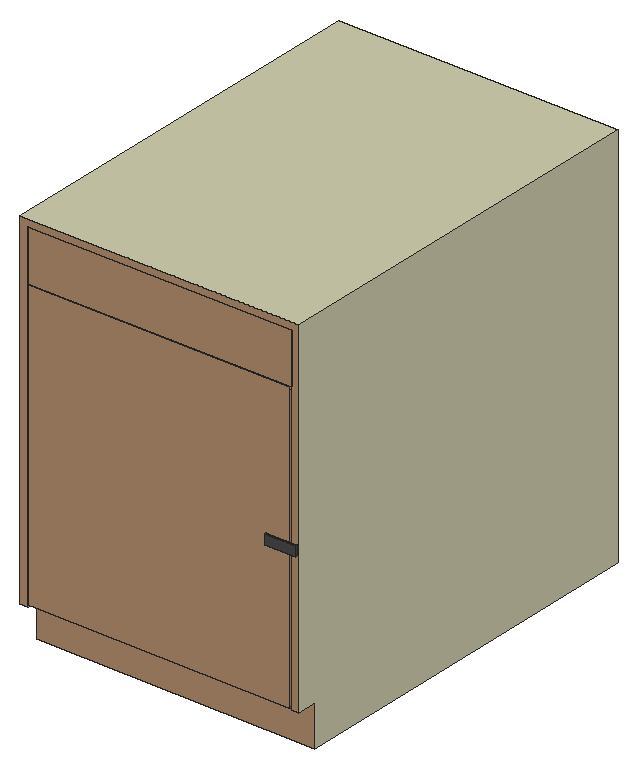
Revit family "Cabinet_Wenger_UltraStor_50", category Furniture, Revit 2015
Parameters (values of type "UltraStor Cabinet #50 - Comp Wood Doors")
  URL = "https://www.wengercorp.com/"
  Type Comments = ""
  Specification = "http://www.arcat.com/sdspecs/htm04/12_35_83wen.htm"
  Shelf Thickness = 0' - 1 1/8"
  Sales Information = "https://www.wengercorp.com/contact-us.php"
  Revision = "R1_2018-04"
  Rear Panel Thickness = 0' - 0 3/4"
  Product Data = "http://www.arcat.com/arcatcos/cos36/arc36487.html"
  Manufacturer Website = "https://www.wengercorp.com/"
  Manufacturer Phone - Toll Free = "800-4WENGER"
  Manufacturer Phone = "(507) 455-4100"
  Manufacturer Fax = "(507) 455-4258"
  Manufacturer Address = "555 Park Dr., Owatonna, MN 55060"
  Keynote = "12 35 83"
  HasDoors = yes
  Green Building-LEED = "http://www.arcat.com/green/clients/leed_data_36487.html"
  Drawn By = "Sumex Design, Inc. / Robert S. Weygant, CSI, CDT, SCIP"
  Door Width = (Cabinet Width - 0' 3") / 3  # 0' - 8.16667"
  Door Style = Door_Base : Solid Door
  Door Material [instance] = Wenger Cherry (Use Cherry Edge Band Only)
  Door Height = (Cabinet Height - 0' 4 3/4") / 5  # 0' - 6.7125"
  Toe Kick Material [instance] = Wenger Cherry (Use Cherry Edge Band Only)
  RH End Panel [instance] = no
  Model = "#50"
  Manufacturer = "Wenger Corporation"
  LH End Panel [instance] = no
  End Panel Material [instance] = Wenger Cherry (Use Cherry Edge Band Only)
  Edge Banding Material [instance] = Wenger Cherry (Use Cherry Edge Band Only)
  Cost = 0
  Copyright = "© 2018 Arcat Inc."
  Construction Details = "http://www.arcat.com/details/wengerco/wengerco.html?coid=36487"
  Body Material [instance] = Wenger - Oyster
  Description = "Wenger UltraStor Cabinet #50 - Comp Wood Doors"
  Cabinet Width = 2' - 3 1/2"
  Cabinet Height = 3' - 2 5/16"
  Installed Depth = 3' - 3 1/4"
  Cabinet Panel Thickness = 0' - 0 3/4"
  Assembly Code = "E2010200"
Types (14): name | Rear Panel Thickness | HasDoors | Door Width | Door Style | Door Material | Model | Description | Cabinet Width | Installed Depth
  Acoustic Cabinet #50 - No Doors | 0' - 3 1/4" | no | 0' - 8.16667" | Door_Base : Solid Door | none | "#50A" | "Wenger Acoustic Cabinet #50 - No Doors" | 2' - 3 1/2" | 3' - 5 3/4"
  Narrow Acoustic Cabinet #50 - No Doors | 0' - 3 1/4" | no | 0' - 6.16667" | Door_Base : Solid Door | none | "#50NA" | "Wenger Narrow Acoustic Cabinet #50 - No Doors" | 1' - 9 1/2" | 3' - 5 3/4"
  Acoustic Cabinet #50 - Comp Waterfall Grille Doors | 0' - 3 1/4" | yes | 0' - 8.16667" | Door_Base : Waterfall | Painted Black | "#50A" | "Wenger Acoustic Cabinet #50 - Comp Waterfall Grille Doors" | 2' - 3 1/2" | 3' - 5 3/4"
  Narrow Acoustic Cabinet #50 - Comp Waterfall Grille Doors | 0' - 3 1/4" | yes | 0' - 6.16667" | Door_Base : Waterfall | Painted Black | "#50NA" | "Wenger Narrow Acoustic Cabinet #50 - Comp Waterfall Grille Doors" | 1' - 9 1/2" | 3' - 5 3/4"
  Narrow Acoustic Cabinet #50 - Comp Grille Doors | 0' - 3 1/4" | yes | 0' - 6.16667" | Door_Base : Bars | Painted Black | "#50NA" | "Wenger Narrow Acoustic Cabinet #50 - Comp Grille Doors" | 1' - 9 1/2" | 3' - 5 3/4"
  Acoustic Cabinet #50 - Comp Grille Doors | 0' - 3 1/4" | yes | 0' - 8.16667" | Door_Base : Bars | Painted Black | "#50A" | "Wenger Acoustic Cabinet #50 - Comp Grille Doors" | 2' - 3 1/2" | 3' - 5 3/4"
  Narrow UltraStor Cabinet #50 - Comp Wood Doors | 0' - 0 3/4" | yes | 0' - 6.16667" | Door_Base : Solid Door | Wenger Cherry (Use Cherry Edge Band Only) | "#50N" | "Wenger Narrow Cabinet #50 - Comp Wood Doors" | 1' - 9 1/2" | 3' - 3 1/4"
  UltraStor Cabinet #50 - Comp Waterfall Grille Doors | 0' - 0 3/4" | yes | 0' - 8.16667" | Door_Base : Waterfall | Painted Black | "#50" | "Wenger UltraStor Cabinet #50 - Comp Waterfall Grille Doors" | 2' - 3 1/2" | 3' - 3 1/4"
  UltraStor Cabinet #50 - Comp Wood Doors | 0' - 0 3/4" | yes | 0' - 8.16667" | Door_Base : Solid Door | Wenger Cherry (Use Cherry Edge Band Only) | "#50" | "Wenger UltraStor Cabinet #50 - Comp Wood Doors" | 2' - 3 1/2" | 3' - 3 1/4"
  Narrow UltraStor Cabinet #50 - Comp Waterfall Grille Doors | 0' - 0 3/4" | yes | 0' - 6.16667" | Door_Base : Waterfall | Painted Black | "#50N" | "Wenger Narrow Cabinet #50 - Comp Waterfall Grille Doors" | 1' - 9 1/2" | 3' - 3 1/4"
  UltraStor Cabinet #50 - No Doors | 0' - 0 3/4" | no | 0' - 8.16667" | Door_Base : Solid Door | none | "#50" | "Wenger UltraStor Cabinet #50 - No Doors" | 2' - 3 1/2" | 3' - 3 1/4"
  UltraStor Cabinet #50 - Comp Grille Doors | 0' - 0 3/4" | yes | 0' - 8.16667" | Door_Base : Bars | Painted Black | "#50" | "Wenger UltraStor Cabinet #50 - Comp Grille Doors" | 2' - 3 1/2" | 3' - 3 1/4"
  Narrow UltraStor Cabinet #50 - Comp Grille Doors | 0' - 0 3/4" | yes | 0' - 6.16667" | Door_Base : Bars | Painted Black | "#50N" | "Wenger Narrow Cabinet #50 - Comp Grille Doors" | 1' - 9 1/2" | 3' - 3 1/4"
  Narrow UltraStor Cabinet #50 - No Doors | 0' - 0 3/4" | no | 0' - 6.16667" | Door_Base : Solid Door | none | "#50N" | "Wenger Narrow Cabinet #50 - No Doors" | 1' - 9 1/2" | 3' - 3 1/4"
Reference planes (in)
  plane 1 "Front": y = 0
  plane 2: z = 0
  plane 3 "Left": x = 0
  plane 4 "Right": x = 27.5
  plane 5 "Back": y = 39.25
  plane 6 "Top": z = 38.3125
  plane 7: z = 4
  plane 8: x = 0.75
  plane 9: x = 26.75
  plane 10: z = 37.5625
  plane 11: x = 8.91667
  plane 12: x = 9.66667
  plane 13: x = 17.83333
  plane 14: x = 18.58333
  plane 15: y = 38.5
  plane 16: y = 2
  plane 17: y = 0.75
  plane 18: z = 5.125
  plane 19: z = 32.5625
Forms (in)
  Extrusion 1, solid, material "Wenger - Oyster" <- "Body Material"
    sketch origin (0, 0, 0) x (0, 1, 0) y (0, 0, 1)
      loop
        line (0, 38.3125) -> (0, 4) -> (2, 4) -> (2, 0) -> (39.25, 0) -> (39.25, 38.3125) -> (0, 38.3125)
    from 0 to 27.5
  Extrusion 2, void
    sketch origin (0, 0, 0) x (0, 1, 0) y (0, 0, 1)
      loop
        line (-5.5, 37.5625) -> (-5.5, 4) -> (0.75, 4)
        arc (0.75, 4) -> (1.15915, 4.80234) -> (2, 5.125) r 1.25694
        line (2, 5.125) -> (38.5, 5.125) -> (38.5, 37.5625) -> (-5.5, 37.5625)
    from 0.75 to 26.75
  Extrusion 3, void
    sketch origin (0, 0, 0) x (0, 1, 0) y (0, 0, 1)
      loop
        line (0, 37.5625) -> (0, 4) -> (0.0625, 4) -> (0.0625, 37.5625) -> (0, 37.5625)
    from 0.75 to 26.75
  Extrusion 4, solid, material "Wenger Cherry (Use Cherry Edge Band Only)" <- "Toe Kick Material"
    sketch origin (0, 0, 0) x (0, 1, 0) y (0, 0, 1)
      loop
        line (0, 37.5625) -> (0, 32.5625) -> (0.75, 32.5625) -> (0.75, 37.5625) -> (0, 37.5625)
    from 0.75 to 26.75
Cuts and joins
  Extrusion 2, Extrusion 3 cuts Extrusion 1
Lines and regions (in)
  Masking region 1
    outline origin (0, 0, 0) x (1, 0, 0) y (0, 1, 0)
      loop
        line (0, 39.25) -> (0, 0) -> (27.5, 0) -> (27.5, 39.25) -> (0, 39.25)
Dimensions and locks (in)
  "Cabinet Panel Thickness": plane 3 "Left" to plane 8
  "Cabinet Panel Thickness": plane 9 to plane 4 "Right"
  "Cabinet Panel Thickness": plane 5 "Back" to plane 15
  locked: plane 1 "Front" to plane 17 at 0.75
  locked: plane 1 "Front" to plane 16 at 2
  "Cabinet Panel Thickness": plane 6 "Top" to plane 10
  "Shelf Thickness": plane 18 to plane 7
  "Cabinet Width": plane 3 "Left" to plane 4 "Right"
  locked: plane 7 to level at 4
  "Cabinet Height": plane 6 "Top" to level
  "Installed Depth": plane 1 "Front" to plane 5 "Back"
  "Door Width": plane 11 to plane 8
  "Door Width": plane 13 to plane 12
  "Door Width": plane 9 to plane 14
  plane 3 "Left" to plane 4 "Right" = 2' - 3 1/2"
  locked: plane 14 to plane 13 at 0.75
  equal spacing: plane 12, nested 2, plane 13
  equal spacing: plane 5 "Back", nested 2, plane 1 "Front"
  locked: plane 10 to plane 19 at 5
  aligned and locked: Extrusion 1 sketch curve to plane 6 "Top"
  aligned and locked: Extrusion 1 sketch curve to plane 5 "Back"
  aligned and locked: Extrusion 1 sketch curve to plane 1 "Front"
  aligned and locked: Extrusion 1 sketch curve to plane 7
  aligned and locked: Extrusion 1 sketch curve to plane 16
  aligned and locked: Extrusion 1 sketch curve to level
  aligned and locked: Extrusion 1 to plane 4 "Right"
  aligned and locked: Extrusion 1 to plane 3 "Left"
  aligned and locked: Extrusion 2 sketch curve to plane 10
  aligned and locked: Extrusion 2 sketch curve to plane 18
  aligned and locked: Extrusion 2 to plane 8
  aligned and locked: Extrusion 3 sketch curve to cut or joined group of Extrusion 1, Extrusion 2, Extrusion 3  (x3)
  aligned and locked: Extrusion 3 to plane 9
  aligned and locked: Extrusion 3 to plane 8
  aligned and locked: nested 3 to plane 8
  aligned and locked: plane 7 to cut or joined group of Extrusion 1, Extrusion 2, Extrusion 3
  aligned and locked: nested 3 to plane 7
  aligned and locked: plane 17 to Extrusion 2 sketch curve
  aligned and locked: plane 1 "Front" to nested 4
  aligned and locked: nested 4 to level
  aligned and locked: nested 4 to plane 4 "Right"
  aligned and locked: Masking region 1 sketch curve to plane 5 "Back"
  aligned and locked: Masking region 1 sketch curve to plane 1 "Front"
  aligned and locked: plane 3 "Left" to Masking region 1 sketch curve
  aligned and locked: plane 4 "Right" to Masking region 1 sketch curve
  aligned and locked: cut or joined group of Extrusion 1, Extrusion 2, Extrusion 3 to plane 9
  aligned and locked: nested 3 to plane 9
  aligned and locked: plane 10 to Extrusion 4 sketch curve
  aligned and locked: plane 1 "Front" to Extrusion 4 sketch curve
  aligned and locked: Extrusion 4 to plane 9
  aligned and locked: Extrusion 4 to plane 8
  aligned and locked: plane 19 to nested 3
  aligned and locked: Extrusion 4 sketch curve to plane 19
  aligned and locked: Extrusion 4 sketch curve to plane 17
Automatic sketch dimensions
  plane 17 to Extrusion 3 sketch curve = 0' - 0 11/16"
  Extrusion 2 sketch curve to plane 7 = 0' - 0"
  Extrusion 2 sketch curve to plane 16 = 0' - 0"
  Extrusion 2 sketch curve to plane 15 = 0' - 0"
  plane 1 "Front" to Extrusion 2 sketch curve = 0' - 5 1/2"
Nested families (in)
  nested 1: "End Panel" at (0, 24.25, 0) x (0, -1, 0) z (0, 0, 1), End Panel Material <- "End Panel Material", visible <- "LH End Panel", Edge Banding Material <- "Edge Banding Material", type "End Panel"
    with End Panel Material Wenger Cherry (Use Cherry Edge Band Only), Edge Banding Material Wenger Cherry (Use Cherry Edge Band Only), End Panel Height 3' - 2 5/16", End Panel Depth 3' - 3 1/4"
  nested 2: "Labels" at (13.75, 19.625, 0), type "Labels"
  nested 3: "Door_Base" at (13.75, 0, 4) x (1, 0, 0) z (0, -1, 0), type <- "Door Style", visible <- "HasDoors", type "Solid Door", detail levels medium+fine
    with vBars 24, Width 2' - 2", ToeKick Height 0' - 4", MidBar no, Height 2' - 4 9/16", BarHt 2' - 4 1/16", 2HzBars no
  nested 4: "End Panel" at (28.25, 24.25, 0) x (0, -1, 0) z (0, 0, 1), End Panel Material <- "End Panel Material", Edge Banding Material <- "Edge Banding Material", visible <- "RH End Panel", type "End Panel"
    with End Panel Material Wenger Cherry (Use Cherry Edge Band Only), Edge Banding Material Wenger Cherry (Use Cherry Edge Band Only), End Panel Height 3' - 2 5/16", End Panel Depth 3' - 3 1/4"
Definition of nested family "End Panel"
  Parameters (values of type "End Panel")
    End Panel Material [instance] = none
    End Panel Height = 7' - 1 5/8"
    End Panel Depth = 1' - 9 3/4"
    Edge Banding Material [instance] = none
    Default Elevation = 4' - 0"
    Assembly Code = ""
  Reference planes (in)
    plane 1 "Center (Front/Back)": y = 0
    plane 2: z = 0
    plane 3 "Center (Left/Right)": x = 0
    plane 4: x = -15
    plane 5: x = 6.75
    plane 6: z = 4
    plane 7: x = 4.75
    plane 8: z = 85.625
    plane 9: y = -0.75
  Forms (in)
    Extrusion 1, solid, material <- "End Panel Material"
      sketch origin (0, 0, 0) x (1, 0, 0) y (0, 0, 1)
        loop
          line (-15, 85.625) -> (-15, 0) -> (4.75, 0) -> (4.75, 4) -> (6.75, 4) -> (6.75, 85.625) -> (-15, 85.625)
      from 0 to 0.75
  Lines and regions (in)
    Masking region 1, detail levels coarse+medium
      outline origin (0, 0, 0) x (1, 0, 0) y (0, 1, 0)
        loop
          line (-15, 0) -> (-15, -0.75) -> (6.75, -0.75) -> (6.75, 0) -> (-15, 0)
  Dimensions and locks (in)
    locked: plane 7 to plane 5 at 2
    locked: plane 6 to level at 4
    "End Panel Height": plane 8 to level
    "End Panel Depth": plane 5 to plane 4
    locked: plane 9 to plane 1 "Center (Front/Back)" at 0.75
    aligned and locked: plane 4 to Extrusion 1 sketch curve
    aligned and locked: level to Extrusion 1 sketch curve
    aligned and locked: plane 7 to Extrusion 1 sketch curve
    aligned and locked: plane 6 to Extrusion 1 sketch curve
    aligned and locked: Extrusion 1 sketch curve to plane 5
    aligned and locked: Extrusion 1 sketch curve to plane 8
    aligned and locked: Extrusion 1 to plane 9
    aligned and locked: Extrusion 1 to plane 1 "Center (Front/Back)"
    aligned and locked: plane 4 to Masking region 1 sketch curve
    aligned and locked: Masking region 1 sketch curve to plane 5
    aligned and locked: plane 1 "Center (Front/Back)" to Masking region 1 sketch curve
    aligned and locked: plane 9 to Masking region 1 sketch curve
Definition of nested family "Door_Base"
  Parameters (values of type "Bars")
    vBars [instance] = (Width - 0' 2") / 0' 1"  # 6
    Width [instance] = 0' - 8"
    ToeKick Height [instance] = 0' - 4"
    Thickness = 0' - 0 1/4"
    Solid Door = no
    Shelf Thickness = 0' - 0 3/4"
    Panel Thickness = 0' - 0 3/4"
    MidBar [instance] = and(Height < 1' 6", not(Solid Door))  # yes
    Height [instance] = 1' - 2 5/8"
    Edge Banding = none
    DoorGap = 0' - 0 1/8"
    Door Finish = none
    Depth = 2' - 0"
    Default Elevation = 4' - 0"
    Bars = yes
    BarStyle = Bars : Straight
    BarHt [instance] = Height - 0' 0 1/2"  # 1' - 2 1/8"
    2HzBars [instance] = and(Height > 1' 6", not(Solid Door))  # no
  Types (3): name | Thickness | Solid Door | MidBar | Bars | BarStyle
    Solid Door | 0' - 0 3/4" | yes | no | no | Bars : Waterfall
    Bars | 0' - 0 1/4" | no | yes | yes | Bars : Straight
    Waterfall | 0' - 0 3/4" | no | yes | yes | Bars : Waterfall
  Reference planes (in)
    plane 1 "Center (Front/Back)": y = 0
    plane 2: z = 0
    plane 3 "Center (Left/Right)": x = 0
    plane 4: x = -4
    plane 5: y = 14.625
    plane 6: x = 4
    plane 7: z = -0.25
    plane 8: x = -3.875
    plane 9: x = 3.875
    plane 10: y = 0.125
    plane 11: y = 14.5
    plane 12: y = -0.75
    plane 13 "CL Elev": y = 7.3125
    plane 14: x = -3.75
    plane 15: x = 3.75
    plane 16 "BtmRail": y = 0.25
    plane 17: y = 14.375
    plane 18: z = -0.125
    plane 19: x = -2.75
    plane 20: x = 2.75
    plane 21: y = 9.66667
    plane 22: y = 4.95833
  Forms (in)
    Extrusion 1, solid, material <- "Door Finish", visible <- "Solid Door", detail levels medium+fine
      sketch origin (0, 0, 0) x (1, 0, 0) y (0, 1, 0)
        loop
          arc (-3.75, 14.5) -> (-3.83839, 14.46339) -> (-3.875, 14.375) r 0.125
          line (-3.875, 14.375) -> (-3.875, 0.25)
          arc (-3.875, 0.25) -> (-3.83839, 0.16161) -> (-3.75, 0.125) r 0.125
          line (-3.75, 0.125) -> (3.75, 0.125)
          arc (3.75, 0.125) -> (3.83839, 0.16161) -> (3.875, 0.25) r 0.125
          line (3.875, 0.25) -> (3.875, 14.375)
          arc (3.875, 14.375) -> (3.83839, 14.46339) -> (3.75, 14.5) r 0.125
          line (3.75, 14.5) -> (-3.75, 14.5)
      from 0 to -0.25
    Sweep 2, solid, material <- "Door Finish", visible <- "Bars", detail levels medium+fine
      path origin (0, 0, 0) x (1, 0, 0) y (0, 1, 0)
        loop
          arc (-3.125, 14.5) -> (-3.65533, 14.28033) -> (-3.875, 13.75) r 0.75
          line (-3.875, 13.75) -> (-3.875, 0.875)
          arc (-3.875, 0.875) -> (-3.65533, 0.34467) -> (-3.125, 0.125) r 0.75
          line (-3.125, 0.125) -> (3.125, 0.125)
          arc (3.125, 0.125) -> (3.65533, 0.34467) -> (3.875, 0.875) r 0.75
          line (3.875, 0.875) -> (3.875, 13.75)
          arc (3.875, 13.75) -> (3.65533, 14.28033) -> (3.125, 14.5) r 0.75
          line (3.125, 14.5) -> (-3.125, 14.5)
      profile origin (0, 14.5, 0) x (0, 1, 0) y (0, 0, 1)
        loop
          circle (-0.125, -0.125) r 0.125
    Extrusion 3, solid, material <- "Door Finish", visible <- "MidBar", detail levels medium+fine
      sketch origin (0, 0, 0) x (0, 1, 0) y (0, 0, 1)
        loop
          circle (7.3125, -0.125) r 0.125
      from -3.75 to 3.75
    Extrusion 4, solid, detail levels fine
      sketch origin (0, 0, 0) x (1, 0, 0) y (0, 1, 0)
        loop
          line (1.5, 7.8125) -> (1.5, 6.8125) -> (4.5, 6.8125) -> (4.5, 7.8125) -> (1.5, 7.8125)
      from 0 to 0.125
    Extrusion 5, solid, material <- "Door Finish", visible <- "2HzBars", detail levels medium+fine
      sketch origin (0, 0, 0) x (0, 1, 0) y (0, 0, 1)
        loop
          circle (9.66667, -0.125) r 0.125
        loop
          circle (4.95833, -0.125) r 0.125
      from -3.75 to 3.75
  Lines and regions (in)
    symbolic lines, detail levels medium+fine
      curve 1: line (4, 0.25, 0) -> (-4, 0.25, 0)
      curve 2: line (-4, 0.25, 0) -> (-4, 0.25, 8)
      curve 3: arc (4, 0.25, 0) -> (1.65685, 0.25, 5.65685) -> (-4, 0.25, 8) r 8
    symbolic lines
      curve 4: line (3.875, 0.25, 0) -> (3.875, 0.25, -0.25)
      curve 5: line (3.875, 0.25, -0.25) -> (-3.875, 0.25, -0.25)
      curve 6: line (-3.875, 0.25, -0.25) -> (-3.875, 0.25, 0)
    symbolic lines, detail levels medium
      curve 7: line (3.875, 14.5, 0) -> (-3.875, 7.3125, 0)
      curve 8: line (-3.875, 7.3125, 0) -> (3.875, 0.125, 0)
  Dimensions and locks (in)
    "Height": plane 1 "Center (Front/Back)" to plane 5
    "Thickness": level to plane 7
    equal spacing: plane 4, plane 3 "Center (Left/Right)", plane 6
    "Width": plane 4 to plane 6
    "DoorGap": plane 5 to plane 11
    "DoorGap": plane 9 to plane 6
    "DoorGap": plane 4 to plane 8
    "DoorGap": plane 1 "Center (Front/Back)" to plane 10
    "Shelf Thickness": plane 1 "Center (Front/Back)" to plane 12
    equal spacing: plane 1 "Center (Front/Back)", plane 13 "CL Elev", plane 5
    locked: plane 15 to plane 9 at 0.125
    locked: plane 8 to plane 14 at 0.125
    locked: plane 11 to plane 17 at 0.125
    locked: plane 16 "BtmRail" to plane 10 at 0.125
    locked: level to plane 18 at 0.125
    plane 19 to plane 14 = 0' - 1"
    locked: plane 15 to plane 20 at 1
    Extrusion 4 sketch curve to plane 13 "CL Elev" to Extrusion 4 sketch curve = 0' - 0 1/2" locked, 0' - 0 1/2" locked
    locked: plane 6 to Extrusion 4 sketch curve at 0.5
    locked: Extrusion 4 sketch curve to plane 6 at 2.5
    locked: Extrusion 4 to level at 0.125
    equal spacing: group 1, group 3, group 4, group 5, group 6, group 2  (x3)
    equal spacing: plane 17, plane 21, plane 22, plane 16 "BtmRail"
    "Width": radius of curve 3
    aligned and locked: plane 2 to level
    aligned and locked: Extrusion 1 sketch curve to plane 11
    aligned and locked: plane 8 to Extrusion 1 sketch curve
    aligned and locked: Extrusion 1 sketch curve to plane 9
    aligned and locked: plane 10 to Extrusion 1 sketch curve
    aligned and locked: Extrusion 1 to plane 7
    aligned and locked: level to Extrusion 1
    aligned and locked: Sweep 2 sketch curve to plane 11
    aligned and locked: plane 8 to Sweep 2 sketch curve
    aligned and locked: plane 10 to Sweep 2 sketch curve
    aligned and locked: Sweep 2 sketch curve to plane 9
    aligned and locked: plane 15 to Extrusion 3
    aligned and locked: Extrusion 3 to plane 14
    aligned and locked: plane 20 to nested 2
    aligned and locked: plane 19 to nested 1
    aligned and locked: plane 21 to Extrusion 5 sketch curve
    aligned and locked: plane 18 to Extrusion 5 sketch curve  (x2)
    aligned and locked: plane 22 to Extrusion 5 sketch curve
    aligned and locked: Extrusion 5 to Extrusion 3  (x2)
    aligned and locked: plane 4 to curve 3  (x2)
    aligned and locked: level to curve 3
    aligned and locked: plane 7 to curve 5
    aligned and locked: Extrusion 1 to plane 8
    aligned and locked: plane 9 to Extrusion 1
    aligned and locked: plane 10 to curve 8
    aligned and locked: plane 9 to curve 8
    aligned and locked: plane 13 "CL Elev" to curve 8
    aligned and locked: plane 11 to curve 7
    aligned and locked: plane 9 to curve 7
  Automatic sketch dimensions
    plane 8 to Sweep 2 sketch curve = 0' - 0 3/4"  (x2)
    Sweep 2 sketch curve to plane 9 = 0' - 0 3/4"
    Sweep 2 sketch curve to Sweep 2 sketch curve = 0' - 0 3/4"
    Sweep 2 sketch curve to level = 0' - 0 1/8"
    profile plane to Sweep 2 sketch curve = 0' - 0 1/8"
    Extrusion 3 sketch curve to level = 0' - 0 1/8"
    Extrusion 3 sketch curve to plane 13 "CL Elev" = 0' - 0"
    curve 8 to plane 8 = 0' - 0"
    Extrusion 1 sketch curve to plane 14 = 0' - 0"  (x2)
    Extrusion 1 sketch curve to plane 15 = 0' - 0"  (x2)
    curve 5 to plane 9 = 0' - 0"
    curve 6 to plane 8 = 0' - 0"
    radius of Sweep 2 sketch curve = 0' - 0 1/8"
    radius of Extrusion 3 sketch curve = 0' - 0 1/8"
    radius of Extrusion 5 sketch curve = 0' - 0 1/8"  (x2)
  Nested families (in)
    nested 1: "Bars" at (-2.75, 0.25, -0.125) x (1, 0, 0) z (0, 1, 0), type <- "BarStyle", visible <- "Bars", type "Straight", detail levels fine
      with Lateral Deviation 0' - 1", Height 1' - 2 1/8"
    nested 2: "Bars" at (2.75, 0.25, -0.125) x (1, 0, 0) z (0, 1, 0), type <- "BarStyle", visible <- "Bars", type "Straight", detail levels fine
      with Lateral Deviation 0' - 1", Height 1' - 2 1/8"
    nested 3: "Bars" at (-1.65, 0.25, -0.125) x (1, 0, 0) z (0, 1, 0), type <- "BarStyle", visible <- "Bars", type "Straight", detail levels fine
      with Lateral Deviation 0' - 1", Height 1' - 2 1/8"
    nested 4: "Bars" at (-0.55, 0.25, -0.125) x (1, 0, 0) z (0, 1, 0), type <- "BarStyle", visible <- "Bars", type "Straight", detail levels fine
      with Lateral Deviation 0' - 1", Height 1' - 2 1/8"
    nested 5: "Bars" at (0.55, 0.25, -0.125) x (1, 0, 0) z (0, 1, 0), type <- "BarStyle", visible <- "Bars", type "Straight", detail levels fine
      with Lateral Deviation 0' - 1", Height 1' - 2 1/8"
    nested 6: "Bars" at (1.65, 0.25, -0.125) x (1, 0, 0) z (0, 1, 0), type <- "BarStyle", visible <- "Bars", type "Straight", detail levels fine
      with Lateral Deviation 0' - 1", Height 1' - 2 1/8"
  Definition of nested family "Bars"
    Parameters (values of type "Straight")
      WaterFall = no
      Straight = yes
      Lateral Deviation = 0' - 1 1/2"
      Height = 1' - 2 5/8"
      Default Elevation = 4' - 0"
      Bars = none
    Types (3): name | WaterFall | Straight
      (no name) | no | yes
      Waterfall | yes | no
      Straight | no | yes
    Reference planes (in)
      plane 1 "Center (Front/Back)": y = 0
      plane 2: z = 0
      plane 3 "Center (Left/Right)": x = 0
      plane 4: z = 14.625
      plane 5: z = 7.3125
      plane 6: x = 0.75
      plane 7: x = -0.75
      plane 8: z = 10.96875
      plane 9: z = 3.65625
    Forms (in)
      Sweep 1, solid, material <- "Bars", visible <- "WaterFall"
        path origin (0, 0, 0) x (1, 0, 0) y (0, 0, 1)
          loop
            arc (0, 0) -> (0.56057, 1.79006) -> (0.75, 3.65625) r 9.28711
            arc (0.75, 3.65625) -> (0.56057, 5.52244) -> (0, 7.3125) r 9.28711
        profile origin (0.56057, 0, 1.79006) x (-0.979603, 0, 0.200944) y (0, -1, 0)
          loop
            circle (0, 0) r 0.0625
      Sweep 2, solid, material <- "Bars", visible <- "WaterFall"
        path origin (0, 0, 14.625) x (-1, 0, 0) y (0, 0, -1)
          loop
            arc (0, 0) -> (0.56057, 1.79006) -> (0.75, 3.65625) r 9.28711
            arc (0.75, 3.65625) -> (0.56057, 5.52244) -> (0, 7.3125) r 9.28711
        profile origin (-0.56057, 0, 12.83494) x (0.979603, 0, -0.200944) y (0, -1, 0)
          loop
            circle (0, 0) r 0.0625
      Extrusion 3, solid, material <- "Bars", visible <- "Straight"
        sketch origin (0, 0, 0) x (1, 0, 0) y (0, 1, 0)
          loop
            circle (0, 0) r 0.0625
        from 0 to 14.625
    Dimensions and locks (in)
      "Height": plane 4 to level
      equal spacing: plane 6, plane 3 "Center (Left/Right)", plane 7
      "Lateral Deviation": plane 6 to plane 7
      equal spacing: plane 4, plane 8, plane 5, plane 9, level
      aligned and locked: plane 2 to level
      aligned and locked: plane 3 "Center (Left/Right)" to Sweep 1 sketch curve  (x2)
      aligned and locked: level to Sweep 1 sketch curve
      aligned and locked: plane 6 to Sweep 1 sketch curve
      aligned and locked: plane 9 to Sweep 1 sketch curve
      aligned and locked: plane 4 to Sweep 2 sketch curve
      aligned and locked: plane 3 "Center (Left/Right)" to Sweep 2 sketch curve  (x2)
      aligned and locked: plane 8 to Sweep 2 sketch curve
      aligned and locked: plane 7 to Sweep 2 sketch curve
      aligned and locked: plane 5 to Sweep 2 sketch curve
      aligned and locked: plane 4 to Extrusion 3
      aligned and locked: Extrusion 3 to level
    Automatic sketch dimensions
      plane 1 "Center (Front/Back)" to Sweep 1 sketch curve = 0' - 0"
      Sweep 1 sketch curve to profile plane = 0' - 0"
      Sweep 1 sketch curve to Sweep 1 sketch curve = 0' - 0"
      Sweep 2 sketch curve to plane 1 "Center (Front/Back)" = 0' - 0"
      Sweep 2 sketch curve to profile plane = 0' - 0"
      plane 1 "Center (Front/Back)" to Extrusion 3 sketch curve = 0' - 0"
      Extrusion 3 sketch curve to plane 3 "Center (Left/Right)" = 0' - 0"
      radius of Sweep 1 sketch curve = 0' - 0 1/16"
      radius of Sweep 2 sketch curve = 0' - 0 1/16"
      radius of Extrusion 3 sketch curve = 0' - 0 1/16"
Definition of nested family "Labels"
  Parameters
    Cabinet Label = "01"
  Reference planes (in)
    plane 1: y = 0
    plane 2: x = 0
  Text (in)
    label "xxxx" at (-0.00018, 0.00754, 0), shows "Cabinet Label"
